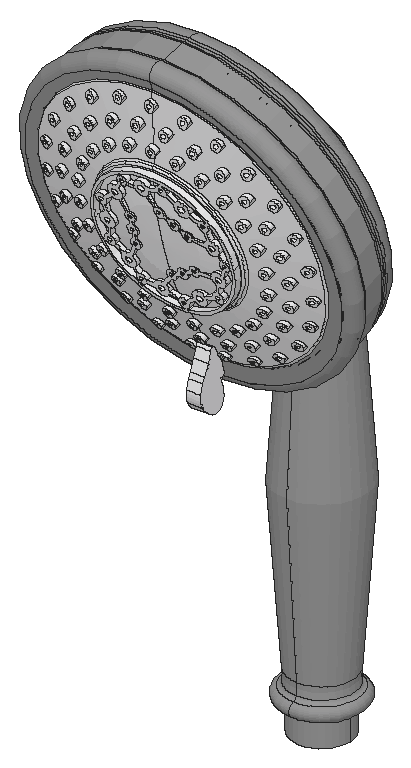
Revit family "Shower-Handshower-KOHLER-RAIN_DUET-K-98952T_1", category Plumbing Fixtures, host Face, Revit 2017
Family settings
  Host = Face
  Round Connector Dimension = Use Diameter
  Part Type = Normal
  OmniClass Number = 23.31.17.00
  OmniClass Title = Showers
  Cut with Voids When Loaded = No
  Shared = No
  Room Calculation Point = No
Parameters (values of type "Not a Type-See Type Catalog")
  Width = 4 103/128"  # constant formula
  WaterSense Certified = 1 = 0  # no
  Waste Water Outlet = "Waste Water Outlet"  # constant formula
  Waste Connection = 1 = 0  # no
  Vent Connection = 1 = 0  # no
  URL = "https://www.kohler.com.cn/"
  Type = 0
  Product Page URL = "https://www.kohler.com.cn/product/K-98952T-L-CP/K-98952T-L-CP/"
  Product Name = "RAIN DUET"  # constant formula
  Product Documentation Link = "https://files.kohler.com.cn/pdfs/98952t.pdf"
  Pressure = 0.00 psi
  Model = if(Type = 1, "K-98952T-L-CP", if(Type = 2, "K-98952T-L-AF", if(Type = 3, "K-98952T-L-SN", if(Type = 4, "K-98952T-L-BN", if(Type = 5, "K-98952T-L-BV", if(Type = 6, "K-98952T-L-RGD", if(Type = 7, "K-98952T-L-2BZ", if(Type = 8, "K-98952T-L-BL", "NA"))))))))  # "NA"
  Material = "Premium Metal Construction"  # constant formula
  Master Format 2014 Name = "Residential Showers"  # constant formula
  Master Format 2014 = "22 42 23"  # constant formula
  Manufacturer Address = "Kohler Beijing Office (100016) 36-2-03-B, No. 88, Liuxiang Road, Beijing"  # constant formula
  Manufacturer = "KOHLER Co."  # constant formula
  Length = 3 7/64"  # constant formula
  Hot Water Inlet = "Tempered Water Inlet"  # constant formula
  Height = 10 5/128"  # constant formula
  HW Connection = 1 = 1  # yes
  Flow Rate = 0 GPM
  Finish = Default
  Environmental Product Declaration = ""
  Drain Included = 1 = 0  # no
  Description = "Multi-function Katalyst Handshower"  # constant formula
  Default Elevation = 0"
  Declare Label = ""
  Date Modified = "10/20/2020"  # constant formula
  Date Created = "10/20/2020"  # constant formula
  Copyright = "Copyright KOHLER Co."  # constant formula
  Contact Us = "https://www.kohler.com.cn/contact/contact-us/"
  Cold Water Inlet = "Cold Water Inlet"  # constant formula
  CW Connection = 1 = 0  # no
  Assembly Code = "D2010700"
  ADA Compliant = 1 = 0  # no
Reference planes (in)
  plane 1 "Center (Front/Back)": y = 0
  plane 2: z = 0
  plane 3 "Center (Left/Right)": x = 0
  plane 4: y = -3.10938
  plane 5: z = 10.03906
  plane 6: x = 2.40157
  plane 7: x = -2.40311
  plane 8: y = 0.59037
  plane 9: z = 0.39569
  plane 10: y = -0.59037
  plane 11: x = -0.59005
  plane 12: x = 0.59005
Dimensions and locks (in)
  "Height": level to plane 5
  "Length": plane 1 "Center (Front/Back)" to plane 4
  "Width": plane 6 to plane 7
  aligned and locked: plane 2 to host face
  aligned and locked: level to host face
Automatic sketch dimensions
  host sketch curve to host sketch curve = 96"  (x2)
Nested families (in)
  nested 1: "K-98952T" at (0, 0, 0), type "K-98952T"
Connectors (in)
  piping at (0, 0, 0), diameter 0.5, driven by "Flow Rate", driven by "HW Connection", driven by "Hot Water Inlet"
    settings: on nested 1, index 1, connector inside diameter 24", connector length 0", flow factor 0, pipe flow 0 GPM, pressure drop 0.00 psi, fitting loss kfactor 0, connector angle 0.00°, fixture units 0, engagement length 0", angle of deflection 0.00°, flow configuration 0, flow direction 1, fitting loss method 0, system type 19, joint type 0, gender type 0, connector reference index -1, connector utility 1, adjustable connector no, is connector primary yes, connector description "Tempered Water Inlet"
Definition of nested family "K-98952T"
  Parameters (values of type "K-98952T")
    Material = none
  Reference planes (in)
    plane 1 "Center (Front/Back)": y = 0
    plane 2: z = 0
    plane 3 "Center (Left/Right)": x = 0
    plane 4: z = 10.03937
    plane 5: y = -3.11024
    plane 6: x = 2.40157
    plane 7: x = -2.40157
    plane 8: through (0, -2.11093, 7.78504) normal (0, 0.9617, 0.274)
    plane 9: y = 0.59037
  Forms (in)
    Revolve 1, solid, material <- "Material", detail levels medium+fine
      sketch origin (0, 0, 0) x (0, 1, 0) y (0, 0, 1)
        loop
          line (0, 0.39569) -> (0.4917, 0.39569)
          arc (0.4917, 0.39569) -> (0.58985, 0.48474) -> (0.51075, 0.59108) r 0.09862
          arc (0.51075, 0.59108) -> (0.47474, 0.61028) -> (0.45552, 0.64628) r 0.07011
          arc (0.45552, 0.64628) -> (0.44602, 0.73328) -> (0.45161, 0.82063) r 0.50756
          arc (0.45161, 0.82063) -> (0.63502, 3.2721) -> (0.44714, 5.72324) r 16.27732
          arc (0.44714, 5.72324) -> (0.46403, 5.8452) -> (0.54492, 5.93802) r 0.21554
          arc (0.54492, 5.93802) -> (0.58615, 6.04684) -> (0.49311, 6.11674) r 0.09687
          line (0.49311, 6.11674) -> (0, 6.11674) -> (0, 0.39569)
        axis (0, 0.39569) -> (0, 6.11674)
      angle from 0 to 360
    Sweep 2, solid, material <- "Material", detail levels medium+fine
      path origin (0, 0, 0) x (0, 1, 0) y (0, 0, 1)
        loop
          line (0, 5.88455) -> (0, 6.8688)
          arc (0, 6.8688) -> (-0.30929, 7.61548) -> (-1.05597, 7.92477) r 1.05597
          line (-1.05597, 7.92477) -> (-1.64652, 7.92477)
      profile origin (0, 0, 6.37667) x (0, -1, 0) y (1, 0, 0)
        loop
          circle (0, 0) r 0.41339
    Revolve 3, solid, material <- "Material", detail levels medium+fine
      sketch origin (0, 0, 0) x (0, 1, 0) y (0, 0, 1)
        loop
          line (-2.48956, 7.59809) -> (-1.17688, 7.97208)
          arc (-1.17688, 7.97208) -> (-1.53867, 8.9907) -> (-2.0945, 9.91781) r 5.44624
          arc (-2.0945, 9.91781) -> (-2.22771, 10.01467) -> (-2.39237, 10.01852) r 0.2763
          line (-2.39237, 10.01852) -> (-2.43609, 10.00598)
          arc (-2.43609, 10.00598) -> (-2.46009, 10.003) -> (-2.48384, 10.00751) r 0.07799
          arc (-2.48384, 10.00751) -> (-2.49922, 10.01057) -> (-2.51482, 10.00905) r 0.05355
          line (-2.51482, 10.00905) -> (-2.83902, 9.92821)
          arc (-2.83902, 9.92821) -> (-2.85537, 9.92752) -> (-2.87067, 9.93331) r 0.04077
          arc (-2.87067, 9.93331) -> (-3.04815, 9.92632) -> (-3.10494, 9.75803) r 0.1566
          line (-3.10494, 9.75803) -> (-2.48956, 7.59809)
        axis (-2.48956, 7.59809) -> (-1.17688, 7.97208)
      angle from 0 to 360
    Revolve 4, solid, detail levels medium+fine
      sketch origin (0, 0, 0) x (0, 1, 0) y (0, 0, 1)
        loop
          line (-2.86466, 7.5703) -> (-2.17308, 7.76733) -> (-2.75589, 9.81293) -> (-2.97954, 9.74921)
          arc (-2.97954, 9.74921) -> (-3.0492, 9.70185) -> (-3.07686, 9.6223) r 0.13407
          arc (-3.07686, 9.6223) -> (-3.06643, 9.14092) -> (-3.02064, 8.66162) r 6.54458
          arc (-3.02064, 8.66162) -> (-3.02393, 8.64494) -> (-3.03668, 8.63368) r 0.02651
          arc (-3.03668, 8.63368) -> (-3.05183, 8.62079) -> (-3.05675, 8.60151) r 0.03279
          arc (-3.05675, 8.60151) -> (-2.99311, 8.07987) -> (-2.86466, 7.5703) r 4.18913
        axis (-2.86466, 7.5703) -> (-2.17308, 7.76733)
      angle from 0 to 360
    Extrusion 5, solid, detail levels medium+fine
      sketch origin (0, -2.16487, 7.97436) x (0, 0.274002, -0.961729) y (-1, 0, 0)
        loop
          circle (-1.67223, 0) r 0.07087
        loop
          circle (-1.0869, 0) r 0.07087
        loop
          circle (-1.04153, 0.34606) r 0.07087
        loop
          circle (-1.36535, 0.20274) r 0.07087
        loop
          circle (-1.61324, 0.47062) r 0.07087
        loop
          circle (-1.43779, 0.91166) r 0.07087
        loop
          circle (-1.26473, 0.59486) r 0.07087
        loop
          circle (-1.06914, 0.95017) r 0.07087
        loop
          circle (-1.15894, 1.29524) r 0.07087
        loop
          circle (-0.79304, 1.5971) r 0.07087
        loop
          circle (-0.79304, 1.2459) r 0.07087
        loop
          circle (-0.69451, 0.94724) r 0.07087
        loop
          circle (-0.90607, 0.67012) r 0.07087
        loop
          circle (-0.41679, 1.15975) r 0.07087
        loop
          circle (-0.45087, 1.46238) r 0.07087
        loop
          circle (-0.36464, 1.7995) r 0.07087
        loop
          circle (-0.06535, 1.58848) r 0.07087
        loop
          circle (-0.09384, 1.29386) r 0.07087
        loop
          circle (0.25208, 1.33884) r 0.07087
        loop
          circle (0.33887, 1.6142) r 0.07087
        loop
          circle (0.10148, 1.88905) r 0.07087
        loop
          circle (0.57487, 1.85781) r 0.07087
        loop
          circle (1.02557, 1.71137) r 0.07087
        loop
          circle (0.73815, 1.5359) r 0.07087
        loop
          circle (0.60022, 1.29393) r 0.07087
        loop
          circle (0.92292, 1.1611) r 0.07087
        loop
          circle (1.10333, 1.36488) r 0.07087
        loop
          circle (1.20006, 0.94796) r 0.07087
        loop
          circle (1.41653, 1.1063) r 0.07087
        loop
          circle (1.4273, 1.45847) r 0.07087
        loop
          circle (1.41345, 0.66953) r 0.07087
        loop
          circle (1.65287, 0.77908) r 0.07087
        loop
          circle (1.75277, 1.11215) r 0.07087
        loop
          circle (1.97835, 0.69565) r 0.07087
        loop
          circle (1.80213, 0.40238) r 0.07087
        loop
          circle (1.5485, 0.34651) r 0.07087
        loop
          circle (1.59105, 0) r 0.07087
        loop
          circle (1.85546, 0) r 0.07087
        loop
          circle (2.0979, 0.23629) r 0.07087
        loop
          circle (-1.61324, 0.47062) r 0.03209
        loop
          circle (-1.43779, 0.91166) r 0.03455
        loop
          circle (-1.26473, 0.59486) r 0.03767
        loop
          circle (-1.15894, 1.29524) r 0.03613
        loop
          circle (-1.06914, 0.95017) r 0.03424
        loop
          circle (-0.90607, 0.67012) r 0.03315
        loop
          circle (-1.04153, 0.34606) r 0.03242
        loop
          circle (-1.36535, 0.20274) r 0.03419
        loop
          circle (-1.0869, 0) r 0.03337
        loop
          circle (-1.67223, 0) r 0.03152
        loop
          circle (-0.79304, 1.5971) r 0.03673
        loop
          circle (-0.79304, 1.2459) r 0.03276
        loop
          circle (-0.69451, 0.94724) r 0.03475
        loop
          circle (-0.41679, 1.15975) r 0.03573
        loop
          circle (-0.45087, 1.46238) r 0.03398
        loop
          circle (-0.36464, 1.7995) r 0.03262
        loop
          circle (-0.06535, 1.58848) r 0.03795
        loop
          circle (-0.09384, 1.29386) r 0.03111
        loop
          circle (0.10148, 1.88905) r 0.03313
        loop
          circle (0.25208, 1.33884) r 0.0326
        loop
          circle (0.33887, 1.6142) r 0.03141
        loop
          circle (0.57487, 1.85781) r 0.03632
        loop
          circle (0.60022, 1.29393) r 0.03141
        loop
          circle (0.73815, 1.5359) r 0.03296
        loop
          circle (0.92292, 1.1611) r 0.03316
        loop
          circle (1.10333, 1.36488) r 0.03319
        loop
          circle (1.02557, 1.71137) r 0.03343
        loop
          circle (1.4273, 1.45847) r 0.03223
        loop
          circle (1.41653, 1.1063) r 0.03305
        loop
          circle (1.20006, 0.94796) r 0.03206
        loop
          circle (1.41345, 0.66953) r 0.03489
        loop
          circle (1.65287, 0.77908) r 0.03174
        loop
          circle (1.75277, 1.11215) r 0.03695
        loop
          circle (1.5485, 0.34651) r 0.03432
        loop
          circle (1.59105, 0) r 0.03272
        loop
          circle (1.80213, 0.40238) r 0.03526
        loop
          circle (1.85546, 0) r 0.03232
        loop
          circle (1.97835, 0.69565) r 0.0322
        loop
          circle (2.0979, 0.23629) r 0.03082
        loop
          circle (-1.04153, -0.34606) r 0.07087
        loop
          circle (-1.36535, -0.20274) r 0.07087
        loop
          circle (-1.61324, -0.47062) r 0.07087
        loop
          circle (-1.43779, -0.91166) r 0.07087
        loop
          circle (-1.26473, -0.59486) r 0.07087
        loop
          circle (-1.06914, -0.95017) r 0.07087
        loop
          circle (-1.15894, -1.29524) r 0.07087
        loop
          circle (-0.79304, -1.5971) r 0.07087
        loop
          circle (-0.79304, -1.2459) r 0.07087
        loop
          circle (-0.69451, -0.94724) r 0.07087
        loop
          circle (-0.90607, -0.67012) r 0.07087
        loop
          circle (-0.41679, -1.15975) r 0.07087
        loop
          circle (-0.45087, -1.46238) r 0.07087
        loop
          circle (-0.36464, -1.7995) r 0.07087
        loop
          circle (-0.06535, -1.58848) r 0.07087
        loop
          circle (-0.09384, -1.29386) r 0.07087
        loop
          circle (0.25208, -1.33884) r 0.07087
        loop
          circle (0.33887, -1.6142) r 0.07087
        loop
          circle (0.10148, -1.88905) r 0.07087
        loop
          circle (0.57487, -1.85781) r 0.07087
        loop
          circle (1.02557, -1.71137) r 0.07087
        loop
          circle (0.73815, -1.5359) r 0.07087
        loop
          circle (0.60022, -1.29393) r 0.07087
        loop
          circle (0.92292, -1.1611) r 0.07087
        loop
          circle (1.10333, -1.36488) r 0.07087
        loop
          circle (1.20006, -0.94796) r 0.07087
        loop
          circle (1.41653, -1.1063) r 0.07087
        loop
          circle (1.4273, -1.45847) r 0.07087
        loop
          circle (1.41345, -0.66953) r 0.07087
        loop
          circle (1.65287, -0.77908) r 0.07087
        loop
          circle (1.75277, -1.11215) r 0.07087
        loop
          circle (1.97835, -0.69565) r 0.07087
        loop
          circle (1.80213, -0.40238) r 0.07087
        loop
          circle (1.5485, -0.34651) r 0.07087
        loop
          circle (2.0979, -0.23629) r 0.07087
        loop
          circle (-1.61324, -0.47062) r 0.03209
        loop
          circle (-1.43779, -0.91166) r 0.03455
        loop
          circle (-1.26473, -0.59486) r 0.03767
        loop
          circle (-1.15894, -1.29524) r 0.03613
        loop
          circle (-1.06914, -0.95017) r 0.03424
        loop
          circle (-0.90607, -0.67012) r 0.03315
        loop
          circle (-1.04153, -0.34606) r 0.03242
        loop
          circle (-1.36535, -0.20274) r 0.03419
        loop
          circle (-0.79304, -1.5971) r 0.03673
        loop
          circle (-0.79304, -1.2459) r 0.03276
        loop
          circle (-0.69451, -0.94724) r 0.03475
        loop
          circle (-0.41679, -1.15975) r 0.03573
        loop
          circle (-0.45087, -1.46238) r 0.03398
        loop
          circle (-0.36464, -1.7995) r 0.03262
        loop
          circle (-0.06535, -1.58848) r 0.03795
        loop
          circle (-0.09384, -1.29386) r 0.03111
        loop
          circle (0.10148, -1.88905) r 0.03313
        loop
          circle (0.25208, -1.33884) r 0.0326
        loop
          circle (0.33887, -1.6142) r 0.03141
        loop
          circle (0.57487, -1.85781) r 0.03632
        loop
          circle (0.60022, -1.29393) r 0.03141
        loop
          circle (0.73815, -1.5359) r 0.03296
        loop
          circle (0.92292, -1.1611) r 0.03316
        loop
          circle (1.10333, -1.36488) r 0.03319
        loop
          circle (1.02557, -1.71137) r 0.03343
        loop
          circle (1.4273, -1.45847) r 0.03223
        loop
          circle (1.41653, -1.1063) r 0.03305
        loop
          circle (1.20006, -0.94796) r 0.03206
        loop
          circle (1.41345, -0.66953) r 0.03489
        loop
          circle (1.65287, -0.77908) r 0.03174
        loop
          circle (1.75277, -1.11215) r 0.03695
        loop
          circle (1.5485, -0.34651) r 0.03432
        loop
          circle (1.80213, -0.40238) r 0.03526
        loop
          circle (1.97835, -0.69565) r 0.0322
        loop
          circle (2.0979, -0.23629) r 0.03082
      from -1.00218 to 0.36382
    Revolve 6, void
      sketch origin (0, 0, 0) x (0, 1, 0) y (0, 0, 1)
        loop
          line (-3.35311, 7.43114) -> (-2.77448, 7.59599)
          arc (-2.77448, 7.59599) -> (-3.05786, 8.56667) -> (-3.10868, 9.57658) r 4.33567
          line (-3.10868, 9.57658) -> (-3.16036, 9.75798) -> (-3.9518, 9.53249) -> (-3.35311, 7.43114)
        axis (-3.35311, 7.43114) -> (-2.56167, 7.65662)
      angle from 0 to 360
    Extrusion 7, solid, detail levels medium+fine
      sketch origin (0, -2.26305, 8.31897) x (0, 0.274002, -0.961729) y (-1, 0, 0)
        loop
          circle (0.55619, 0.0017) r 1.02362
        loop
          arc (-0.08646, -0.51818) -> (-0.21861, -0.47227) -> (-0.19931, -0.3337) r 0.11024
          arc (-0.19931, -0.3337) -> (-0.23642, -0.28001) -> (-0.27955, -0.231) r 0.55879
          arc (-0.27955, -0.231) -> (-0.33964, -0.23232) -> (-0.38306, -0.19075) r 0.07853
          arc (-0.38306, -0.19075) -> (-0.39628, -0.18245) -> (-0.40889, -0.19164) r 0.01392
          arc (-0.40889, -0.19164) -> (-0.28862, -0.50333) -> (-0.07102, -0.75683) r 0.98425
          arc (-0.07102, -0.75683) -> (-0.05221, -0.75623) -> (-0.04935, -0.73763) r 0.01473
          arc (-0.04935, -0.73763) -> (-0.05932, -0.68369) -> (-0.03157, -0.63638) r 0.07853
          arc (-0.03157, -0.63638) -> (-0.05555, -0.57567) -> (-0.08646, -0.51818) r 0.55879
        loop
          arc (-0.41587, -0.15276) -> (-0.40019, -0.15879) -> (-0.3887, -0.14653) r 0.01505
          arc (-0.3887, -0.14653) -> (-0.36207, -0.0993) -> (-0.31118, -0.08059) r 0.07853
          arc (-0.31118, -0.08059) -> (-0.28222, -0.01934) -> (-0.27021, 0.04734) r 0.25791
          arc (-0.27021, 0.04734) -> (-0.3284, 0.16781) -> (-0.22481, 0.25247) r 0.10802
          arc (-0.22481, 0.25247) -> (-0.22295, 0.30277) -> (-0.22481, 0.35308) r 0.68018
          arc (-0.22481, 0.35308) -> (-0.27662, 0.37637) -> (-0.29359, 0.43058) r 0.06926
          arc (-0.29359, 0.43058) -> (-0.30414, 0.44822) -> (-0.32387, 0.44244) r 0.0168
          arc (-0.32387, 0.44244) -> (-0.41652, 0.15205) -> (-0.41587, -0.15276) r 0.98425
        loop
          arc (0.29893, -0.65306) -> (0.29671, -0.56324) -> (0.28049, -0.47488) r 0.57387
          arc (0.28049, -0.47488) -> (0.22981, -0.43035) -> (0.23801, -0.36338) r 0.07224
          arc (0.23801, -0.36338) -> (0.22737, -0.33266) -> (0.21072, -0.30473) r 0.15922
          arc (0.21072, -0.30473) -> (0.11881, -0.27282) -> (0.13052, -0.17624) r 0.07749
          arc (0.13052, -0.17624) -> (0.11205, -0.14313) -> (0.08626, -0.11532) r 0.15922
          arc (0.08626, -0.11532) -> (0.02291, -0.09212) -> (0.00634, -0.02673) r 0.07224
          arc (0.00634, -0.02673) -> (-0.06494, 0.02795) -> (-0.14389, 0.07083) r 0.57387
          arc (-0.14389, 0.07083) -> (-0.18376, 0.0438) -> (-0.23142, 0.03678) r 0.10802
          arc (-0.23142, 0.03678) -> (-0.24416, -0.02956) -> (-0.27155, -0.09132) r 0.29728
          arc (-0.27155, -0.09132) -> (-0.23417, -0.1437) -> (-0.24849, -0.20643) r 0.07853
          arc (-0.24849, -0.20643) -> (-0.20428, -0.2572) -> (-0.16606, -0.31261) r 0.59816
          arc (-0.16606, -0.31261) -> (-0.03054, -0.35722) -> (-0.05254, -0.49818) r 0.11024
          arc (-0.05254, -0.49818) -> (-0.02061, -0.55745) -> (0.00445, -0.61992) r 0.59816
          arc (0.00445, -0.61992) -> (0.06683, -0.63574) -> (0.09644, -0.69288) r 0.07853
          arc (0.09644, -0.69288) -> (0.16389, -0.69661) -> (0.22876, -0.71547) r 0.29728
          arc (0.22876, -0.71547) -> (0.25671, -0.67624) -> (0.29893, -0.65306) r 0.10802
        loop
          arc (0.2205, -0.75482) -> (0.15566, -0.73515) -> (0.08794, -0.73304) r 0.25791
          arc (0.08794, -0.73304) -> (0.04218, -0.772) -> (-0.01774, -0.7672) r 0.07853
          arc (-0.01774, -0.7672) -> (-0.03326, -0.77028) -> (-0.03384, -0.7861) r 0.01276
          arc (-0.03384, -0.7861) -> (0.23679, -0.92929) -> (0.53832, -0.98239) r 0.98425
          arc (0.53832, -0.98239) -> (0.54907, -0.96976) -> (0.53885, -0.9567) r 0.01311
          arc (0.53885, -0.9567) -> (0.49914, -0.93181) -> (0.48364, -0.88758) r 0.07087
          arc (0.48364, -0.88758) -> (0.43873, -0.8637) -> (0.39157, -0.84465) r 0.4863
          arc (0.39157, -0.84465) -> (0.27828, -0.85259) -> (0.2205, -0.75482) r 0.10802
        loop
          arc (0.33853, -0.6494) -> (0.42508, -0.70857) -> (0.42064, -0.81332) r 0.10802
          arc (0.42064, -0.81332) -> (0.45864, -0.82956) -> (0.49524, -0.84873) r 0.52567
          arc (0.49524, -0.84873) -> (0.55465, -0.81672) -> (0.61394, -0.84898) r 0.07087
          arc (0.61394, -0.84898) -> (0.67011, -0.82081) -> (0.72788, -0.79609) r 1.03544
          arc (0.72788, -0.79609) -> (0.7257, -0.69579) -> (0.80695, -0.63695) r 0.10802
          arc (0.80695, -0.63695) -> (0.80496, -0.54809) -> (0.81584, -0.45986) r 0.61324
          arc (0.81584, -0.45986) -> (0.7666, -0.36928) -> (0.85808, -0.32172) r 0.07224
          arc (0.85808, -0.32172) -> (0.87078, -0.28806) -> (0.88936, -0.25724) r 0.19859
          arc (0.88936, -0.25724) -> (0.87621, -0.16634) -> (0.95908, -0.12674) r 0.07749
          arc (0.95908, -0.12674) -> (0.97369, -0.09951) -> (0.99235, -0.07488) r 0.19859
          arc (0.99235, -0.07488) -> (0.98257, 0.02775) -> (1.08537, 0.03563) r 0.07224
          arc (1.08537, 0.03563) -> (1.15352, 0.0927) -> (1.22921, 0.13931) r 0.61324
          arc (1.22921, 0.13931) -> (1.23191, 0.23496) -> (1.30952, 0.29093) r 0.10802
          arc (1.30952, 0.29093) -> (1.30303, 0.34612) -> (1.30371, 0.40168) r 0.43004
          arc (1.30371, 0.40168) -> (1.24651, 0.43072) -> (1.23618, 0.49403) r 0.07087
          arc (1.23618, 0.49403) -> (1.19328, 0.51468) -> (1.15395, 0.54151) r 0.31774
          arc (1.15395, 0.54151) -> (1.06838, 0.49381) -> (0.97944, 0.53489) r 0.10802
          arc (0.97944, 0.53489) -> (0.90348, 0.48873) -> (0.82164, 0.45404) r 0.61324
          arc (0.82164, 0.45404) -> (0.76781, 0.36611) -> (0.68088, 0.42155) r 0.07224
          arc (0.68088, 0.42155) -> (0.64537, 0.41573) -> (0.6094, 0.4164) r 0.19859
          arc (0.6094, 0.4164) -> (0.53725, 0.35956) -> (0.46152, 0.41153) r 0.07749
          arc (0.46152, 0.41153) -> (0.43063, 0.41057) -> (0.39998, 0.41442) r 0.19859
          arc (0.39998, 0.41442) -> (0.31598, 0.35463) -> (0.25776, 0.43972) r 0.07224
          arc (0.25776, 0.43972) -> (0.17426, 0.47021) -> (0.09605, 0.51245) r 0.61324
          arc (0.09605, 0.51245) -> (0.01263, 0.467) -> (-0.07443, 0.50501) r 0.10802
          arc (-0.07443, 0.50501) -> (-0.11588, 0.47442) -> (-0.1618, 0.45109) r 0.31119
          arc (-0.1618, 0.45109) -> (-0.15817, 0.40345) -> (-0.18626, 0.3648) r 0.06926
          arc (-0.18626, 0.3648) -> (-0.18359, 0.30537) -> (-0.18583, 0.24592) r 0.71955
          arc (-0.18583, 0.24592) -> (-0.1243, 0.18853) -> (-0.1226, 0.10442) r 0.10802
          arc (-0.1226, 0.10442) -> (-0.04465, 0.06171) -> (0.02632, 0.00818) r 0.61324
          arc (0.02632, 0.00818) -> (0.12938, 0.00553) -> (0.12483, -0.09747) r 0.07224
          arc (0.12483, -0.09747) -> (0.14763, -0.12531) -> (0.16504, -0.1568) r 0.19859
          arc (0.16504, -0.1568) -> (0.25034, -0.19086) -> (0.24319, -0.28243) r 0.07749
          arc (0.24319, -0.28243) -> (0.25946, -0.3087) -> (0.27146, -0.33717) r 0.19859
          arc (0.27146, -0.33717) -> (0.36524, -0.38002) -> (0.32066, -0.47299) r 0.07224
          arc (0.32066, -0.47299) -> (0.33601, -0.56055) -> (0.33853, -0.6494) r 0.61324
        loop
          arc (0.42218, 0.81489) -> (0.52802, 0.90638) -> (0.63837, 0.82038) r 0.11024
          arc (0.63837, 0.82038) -> (0.70343, 0.82568) -> (0.76743, 0.83852) r 0.55879
          arc (0.76743, 0.83852) -> (0.79634, 0.89122) -> (0.85404, 0.90804) r 0.07853
          arc (0.85404, 0.90804) -> (0.87059, 0.91979) -> (0.86088, 0.9376) r 0.01528
          arc (0.86088, 0.9376) -> (0.52978, 0.9856) -> (0.20174, 0.91992) r 0.98425
          arc (0.20174, 0.91992) -> (0.19847, 0.90224) -> (0.21357, 0.89248) r 0.01616
          arc (0.21357, 0.89248) -> (0.26528, 0.87415) -> (0.29237, 0.82645) r 0.07853
          arc (0.29237, 0.82645) -> (0.35694, 0.81687) -> (0.42218, 0.81489) r 0.55879
        loop
          arc (1.00381, 0.69126) -> (1.12462, 0.69136) -> (1.16996, 0.57938) r 0.10802
          arc (1.16996, 0.57938) -> (1.21206, 0.5493) -> (1.259, 0.52753) r 0.27837
          arc (1.259, 0.52753) -> (1.30915, 0.5432) -> (1.3563, 0.52005) r 0.07087
          arc (1.3563, 0.52005) -> (1.37607, 0.51706) -> (1.38289, 0.53584) r 0.01577
          arc (1.38289, 0.53584) -> (1.17749, 0.76507) -> (0.91132, 0.91965) r 0.98425
          arc (0.91132, 0.91965) -> (0.89113, 0.91202) -> (0.89516, 0.89081) r 0.01678
          arc (0.89516, 0.89081) -> (0.92274, 0.84414) -> (0.91351, 0.79071) r 0.07853
          arc (0.91351, 0.79071) -> (0.95207, 0.735) -> (1.00381, 0.69126) r 0.25791
        loop
          arc (0.11268, 0.54857) -> (0.19157, 0.50559) -> (0.27621, 0.47545) r 0.57387
          arc (0.27621, 0.47545) -> (0.34011, 0.49708) -> (0.39401, 0.45649) r 0.07224
          arc (0.39401, 0.45649) -> (0.42593, 0.45034) -> (0.45845, 0.4508) r 0.15922
          arc (0.45845, 0.4508) -> (0.53203, 0.51445) -> (0.60982, 0.45601) r 0.07749
          arc (0.60982, 0.45601) -> (0.64774, 0.45545) -> (0.68471, 0.46388) r 0.15922
          arc (0.68471, 0.46388) -> (0.73647, 0.50715) -> (0.80139, 0.4888) r 0.07224
          arc (0.80139, 0.4888) -> (0.88439, 0.52319) -> (0.961, 0.57012) r 0.57387
          arc (0.961, 0.57012) -> (0.95752, 0.61817) -> (0.97527, 0.66295) r 0.10802
          arc (0.97527, 0.66295) -> (0.92419, 0.70716) -> (0.8844, 0.76176) r 0.29728
          arc (0.8844, 0.76176) -> (0.82035, 0.75557) -> (0.77318, 0.79934) r 0.07853
          arc (0.77318, 0.79934) -> (0.70711, 0.78644) -> (0.64001, 0.78104) r 0.59816
          arc (0.64001, 0.78104) -> (0.53362, 0.68598) -> (0.42254, 0.77551) r 0.11024
          arc (0.42254, 0.77551) -> (0.35525, 0.7775) -> (0.28861, 0.78703) r 0.59816
          arc (0.28861, 0.78703) -> (0.24373, 0.74092) -> (0.17944, 0.74385) r 0.07853
          arc (0.17944, 0.74385) -> (0.14248, 0.6873) -> (0.09371, 0.64055) r 0.29728
          arc (0.09371, 0.64055) -> (0.11372, 0.59673) -> (0.11268, 0.54857) r 0.10802
        loop
          arc (0.06377, 0.66738) -> (0.11322, 0.71369) -> (0.14891, 0.77128) r 0.25791
          arc (0.14891, 0.77128) -> (0.13804, 0.8304) -> (0.17217, 0.87988) r 0.07853
          arc (0.17217, 0.87988) -> (0.17647, 0.89665) -> (0.1601, 0.90227) r 0.01276
          arc (0.1601, 0.90227) -> (-0.1073, 0.7287) -> (-0.3049, 0.47845) r 0.98425
          arc (-0.3049, 0.47845) -> (-0.29606, 0.46233) -> (-0.27816, 0.46652) r 0.0152
          arc (-0.27816, 0.46652) -> (-0.23714, 0.4905) -> (-0.19031, 0.4824) r 0.06926
          arc (-0.19031, 0.4824) -> (-0.13932, 0.50624) -> (-0.09433, 0.54008) r 0.27182
          arc (-0.09433, 0.54008) -> (-0.05983, 0.65905) -> (0.06377, 0.66738) r 0.10802
        loop
          arc (1.32807, -0.29435) -> (1.35438, -0.43176) -> (1.22473, -0.48432) r 0.11024
          arc (1.22473, -0.48432) -> (1.19678, -0.54331) -> (1.17591, -0.60516) r 0.55879
          arc (1.17591, -0.60516) -> (1.20709, -0.65654) -> (1.19281, -0.71493) r 0.07853
          arc (1.19281, -0.71493) -> (1.19233, -0.73069) -> (1.20688, -0.73678) r 0.01392
          arc (1.20688, -0.73678) -> (1.41687, -0.47576) -> (1.52716, -0.15942) r 0.98425
          arc (1.52716, -0.15942) -> (1.51602, -0.14536) -> (1.49956, -0.15248) r 0.01473
          arc (1.49956, -0.15248) -> (1.45784, -0.1881) -> (1.40298, -0.18771) r 0.07853
          arc (1.40298, -0.18771) -> (1.3624, -0.23884) -> (1.32807, -0.29435) r 0.55879
        loop
          arc (0.93019, -0.73624) -> (0.87247, -0.83959) -> (0.75466, -0.82797) r 0.10802
          arc (0.75466, -0.82797) -> (0.68895, -0.85547) -> (0.62538, -0.88758) r 0.99607
          arc (0.62538, -0.88758) -> (0.61184, -0.92924) -> (0.57641, -0.95498) r 0.07087
          arc (0.57641, -0.95498) -> (0.56655, -0.96891) -> (0.5771, -0.98233) r 0.01427
          arc (0.5771, -0.98233) -> (0.89487, -0.92245) -> (1.17608, -0.76282) r 0.98425
          arc (1.17608, -0.76282) -> (1.17387, -0.74594) -> (1.15733, -0.74192) r 0.01505
          arc (1.15733, -0.74192) -> (1.10311, -0.74247) -> (1.06146, -0.70776) r 0.07853
          arc (1.06146, -0.70776) -> (0.99394, -0.71331) -> (0.93019, -0.73624) r 0.25791
        loop
          arc (1.25218, 0.10685) -> (1.17551, 0.06001) -> (1.10709, 0.00178) r 0.57387
          arc (1.10709, 0.00178) -> (1.09387, -0.06437) -> (1.03178, -0.09075) r 0.07224
          arc (1.03178, -0.09075) -> (1.01048, -0.11533) -> (0.99463, -0.14371) r 0.15922
          arc (0.99463, -0.14371) -> (1.01295, -0.23926) -> (0.92345, -0.27741) r 0.07749
          arc (0.92345, -0.27741) -> (0.90401, -0.30997) -> (0.89282, -0.3462) r 0.15922
          arc (0.89282, -0.3462) -> (0.90441, -0.41266) -> (0.85606, -0.45971) r 0.07224
          arc (0.85606, -0.45971) -> (0.84435, -0.54878) -> (0.84668, -0.63859) r 0.57387
          arc (0.84668, -0.63859) -> (0.89003, -0.6596) -> (0.91994, -0.69737) r 0.10802
          arc (0.91994, -0.69737) -> (0.98376, -0.67523) -> (1.05094, -0.66808) r 0.29728
          arc (1.05094, -0.66808) -> (1.07761, -0.60952) -> (1.1391, -0.59055) r 0.07853
          arc (1.1391, -0.59055) -> (1.16096, -0.52688) -> (1.18984, -0.46607) r 0.59816
          arc (1.18984, -0.46607) -> (1.16071, -0.32641) -> (1.29379, -0.27497) r 0.11024
          arc (1.29379, -0.27497) -> (1.32915, -0.21769) -> (1.37073, -0.16475) r 0.59816
          arc (1.37073, -0.16475) -> (1.35324, -0.10282) -> (1.38791, -0.04861) r 0.07853
          arc (1.38791, -0.04861) -> (1.35742, 0.01167) -> (1.34132, 0.07728) r 0.29728
          arc (1.34132, 0.07728) -> (1.29337, 0.08187) -> (1.25218, 0.10685) r 0.10802
        loop
          arc (1.37953, 0.0898) -> (1.39491, 0.02382) -> (1.42694, -0.03588) r 0.25791
          arc (1.42694, -0.03588) -> (1.48357, -0.05604) -> (1.50936, -0.11033) r 0.07853
          arc (1.50936, -0.11033) -> (1.51939, -0.12215) -> (1.53343, -0.11556) r 0.01276
          arc (1.53343, -0.11556) -> (1.51986, 0.20189) -> (1.40588, 0.49847) r 0.98425
          arc (1.40588, 0.49847) -> (1.38409, 0.50089) -> (1.37402, 0.48141) r 0.01935
          arc (1.37402, 0.48141) -> (1.36854, 0.44392) -> (1.34453, 0.41461) r 0.07087
          arc (1.34453, 0.41461) -> (1.34216, 0.35213) -> (1.34979, 0.29007) r 0.39067
          arc (1.34979, 0.29007) -> (1.43422, 0.20026) -> (1.37953, 0.0898) r 0.10802
        loop
          circle (-0.22481, 0.42234) r 0.03332
        loop
          circle (-0.22293, 0.14447) r 0.04867
        loop
          circle (-0.31118, -0.15912) r 0.03233
        loop
          circle (0.00792, 0.57492) r 0.04702
        loop
          circle (0.21484, 0.81395) r 0.03614
        loop
          circle (0.32863, 0.42575) r 0.03206
        loop
          circle (0.5347, 0.43701) r 0.03076
        loop
          circle (0.53082, 0.79618) r 0.03859
        loop
          circle (0.8455, 0.82997) r 0.03284
        loop
          circle (0.75156, 0.4365) r 0.03211
        loop
          circle (1.06428, 0.60175) r 0.04551
        loop
          circle (1.30371, 0.47255) r 0.03135
        loop
          circle (1.32737, 0.1844) r 0.04586
        loop
          circle (1.43093, -0.11432) r 0.03164
        loop
          circle (1.25754, -0.37908) r 0.04888
        loop
          circle (1.03784, -0.01877) r 0.0324
        loop
          circle (0.94455, -0.20285) r 0.03177
        loop
          circle (0.83568, -0.3904) r 0.03114
        loop
          circle (1.12947, -0.66849) r 0.03182
        loop
          circle (0.82243, -0.74386) r 0.04655
        loop
          circle (0.55451, -0.88758) r 0.03236
        loop
          circle (0.3285, -0.75695) r 0.04778
        loop
          circle (0.29732, -0.40463) r 0.03223
        loop
          circle (0.18454, -0.2318) r 0.03711
        loop
          circle (0.07655, -0.04373) r 0.03369
        loop
          circle (-0.12345, -0.41452) r 0.05285
        loop
          circle (0.01803, -0.69728) r 0.03311
      from -0.78391 to 0.36382
    Extrusion 8, solid, detail levels medium+fine
      sketch origin (0, 0, 0) x (0, 1, 0) y (0, 0, 1)
        loop
          line (-1.81444, 5.50783) -> (-1.9425, 5.9573) -> (-2.09608, 5.91355)
          arc (-2.09608, 5.91355) -> (-2.11827, 5.90024) -> (-2.13079, 5.87759) r 0.04982
          arc (-2.13079, 5.87759) -> (-2.15048, 5.80622) -> (-2.17397, 5.73601) r 1.3786
          arc (-2.17397, 5.73601) -> (-2.20425, 5.66006) -> (-2.23897, 5.58604) r 1.3786
          arc (-2.23897, 5.58604) -> (-2.25511, 5.55115) -> (-2.26874, 5.5152) r 0.54528
          arc (-2.26874, 5.5152) -> (-2.2889, 5.45063) -> (-2.30585, 5.38514) r 1.37112
          arc (-2.30585, 5.38514) -> (-2.3103, 5.29287) -> (-2.28188, 5.20498) r 0.25734
          arc (-2.28188, 5.20498) -> (-2.18202, 5.09209) -> (-2.0423, 5.03556) r 0.3291
          arc (-2.0423, 5.03556) -> (-1.97343, 5.0482) -> (-1.92728, 5.10087) r 0.10652
          arc (-1.92728, 5.10087) -> (-1.9027, 5.21133) -> (-1.91535, 5.32378) r 0.34339
          line (-1.91535, 5.32378) -> (-1.9399, 5.40997)
          arc (-1.9399, 5.40997) -> (-1.93465, 5.45538) -> (-1.89882, 5.48378) r 0.05974
          line (-1.89882, 5.48378) -> (-1.81444, 5.50783)
      from -0.10685 to 0.09938
    Revolve 9, solid, material <- "Material", detail levels coarse
      sketch origin (0, 0, 0) x (0, 1, 0) y (0, 0, 1)
        loop
          line (-0.01192, 0) -> (0.51075, 0) -> (0.51075, 0.39569) -> (0.62092, 0.39569) -> (0.62092, 0.59254) -> (0.49339, 0.59254) -> (0.49339, 6.11674) -> (-0.01192, 6.11674) -> (-0.01192, 0)
        axis (-0.01192, 0) -> (-0.01192, 6.11674)
      angle from 0 to 360
    Sweep 10, solid, material <- "Material", detail levels coarse
      path origin (0, 0, 0) x (0, 1, 0) y (0, 0, 1)
        loop
          line (0, 5.72324) -> (0, 6.92467)
          arc (0, 6.92467) -> (-0.26374, 7.56139) -> (-0.90045, 7.82512) r 0.90045
          line (-0.90045, 7.82512) -> (-1.491, 7.82512)
      profile origin (0, 0, 6.32396) x (0, -1, 0) y (1, 0, 0)
        loop
          circle (0, 0) r 0.41339
    Revolve 11, solid, material <- "Material", detail levels coarse
      sketch origin (0, 0, 0) x (0, 1, 0) y (0, 0, 1)
        loop
          line (-2.53029, 7.58695) -> (-1.30927, 7.93496) -> (-1.89109, 9.97625) -> (-3.07972, 9.63746) -> (-2.53029, 7.58695)
        axis (-2.53029, 7.58695) -> (-1.30927, 7.93496)
      angle from 0 to 360
    Extrusion 12, solid, material <- "Material", detail levels medium+fine
      sketch origin (0, 0, 0) x (1, 0, 0) y (0, 1, 0)
        loop
          circle (0, 0) r 0.41339
      from 0 to 0.52398
  Cuts and joins
    joined: Revolve 1, Sweep 2, Extrusion 12
    Revolve 6 cuts Extrusion 5
    joined: Revolve 9, Sweep 10, Revolve 11
  Lines and regions (in)
    Masking region 1
      outline origin (0, 0, 0) x (1, 0, 0) y (0, 1, 0)
        loop
          line (-0.41339, -0.42149) -> (-0.41339, -0.9214)
          spline (-0.41339, -0.9214) -> (-0.57347, -0.93216) -> (-0.73006, -0.94642) -> (-0.8822, -0.9641) -> (-1.02894, -0.98509) -> (-1.16939, -1.00927) -> (-1.30268, -1.03647) -> (-1.42797, -1.06654) -> (-1.54451, -1.09929) -> (-1.65157, -1.13451) -> (-1.7485, -1.17199) -> (-1.83468, -1.2115) -> (-1.9096, -1.25279)
          arc (-1.9096, -1.25279) -> (-2.17991, -1.45749) -> (-2.30217, -1.77374) r 0.62017
          arc (-2.30217, -1.77374) -> (-2.3187, -1.82169) -> (-2.32661, -1.87179) r 0.28925
          line (-2.32661, -1.87179) -> (-2.33561, -2.12933)
          arc (-2.33561, -2.12933) -> (-2.40181, -2.3322) -> (-2.33568, -2.5351) r 0.34411
          arc (-2.33568, -2.5351) -> (-2.19565, -2.68098) -> (-2.02187, -2.78439) r 0.75373
          arc (-2.02187, -2.78439) -> (-1.76933, -2.88012) -> (-1.50996, -2.9554) r 3.38373
          arc (-1.50996, -2.9554) -> (-1.22593, -3.01527) -> (-0.93843, -3.05525) r 4.1714
          arc (-0.93843, -3.05525) -> (-0.46983, -3.09325) -> (0, -3.1102) r 10.47792
          arc (0, -3.1102) -> (0.46983, -3.09325) -> (0.93843, -3.05525) r 10.47792
          arc (0.93843, -3.05525) -> (1.22593, -3.01527) -> (1.50996, -2.9554) r 4.1714
          arc (1.50996, -2.9554) -> (1.76933, -2.88012) -> (2.02187, -2.78439) r 3.38373
          arc (2.02187, -2.78439) -> (2.19565, -2.68098) -> (2.33568, -2.5351) r 0.75373
          arc (2.33568, -2.5351) -> (2.40181, -2.3322) -> (2.33561, -2.12933) r 0.34411
          line (2.33561, -2.12933) -> (2.32661, -1.87179)
          arc (2.32661, -1.87179) -> (2.3187, -1.82169) -> (2.30217, -1.77374) r 0.28925
          arc (2.30217, -1.77374) -> (2.17991, -1.45749) -> (1.9096, -1.25279) r 0.62017
          spline (1.9096, -1.25279) -> (1.83468, -1.2115) -> (1.7485, -1.17199) -> (1.65157, -1.13451) -> (1.54451, -1.09929) -> (1.42797, -1.06654) -> (1.30268, -1.03647) -> (1.16939, -1.00927) -> (1.02894, -0.98509) -> (0.8822, -0.9641) -> (0.73006, -0.94642) -> (0.57347, -0.93216) -> (0.41339, -0.9214)
          line (0.41339, -0.9214) -> (0.41339, -0.42149)
          arc (0.41339, -0.42149) -> (0, 0.59037) -> (-0.41339, -0.42149) r 0.59037
    Masking region 2
      outline origin (0, 0, 0) x (0, 1, 0) y (0, 0, 1)
        loop
          line (0, 0) -> (0.35634, 0) -> (0.35634, 0.12634) -> (0.3937, 0.14791) -> (0.35634, 0.16949) -> (0.3937, 0.19106) -> (0.35634, 0.21263) -> (0.3937, 0.23421) -> (0.35634, 0.25578) -> (0.3937, 0.27735) -> (0.35634, 0.29893) -> (0.35634, 0.39569) -> (0.4917, 0.39569)
          arc (0.4917, 0.39569) -> (0.58985, 0.48474) -> (0.51075, 0.59108) r 0.09862
          arc (0.51075, 0.59108) -> (0.47474, 0.61028) -> (0.45552, 0.64628) r 0.07011
          arc (0.45552, 0.64628) -> (0.44602, 0.73328) -> (0.45161, 0.82063) r 0.50756
          arc (0.45161, 0.82063) -> (0.63502, 3.2721) -> (0.44714, 5.72324) r 16.27732
          arc (0.44714, 5.72324) -> (0.46403, 5.8452) -> (0.54492, 5.93802) r 0.21554
          arc (0.54492, 5.93802) -> (0.58615, 6.04684) -> (0.49311, 6.11674) r 0.09687
          line (0.49311, 6.11674) -> (0.45102, 6.11674)
          arc (0.45102, 6.11674) -> (0.42411, 6.12788) -> (0.41296, 6.1548) r 0.03806
          line (0.41296, 6.1548) -> (0.41296, 6.85927)
          arc (0.41296, 6.85927) -> (-0.02691, 7.92122) -> (-1.08887, 8.3611) r 1.50183
          line (-1.08887, 8.3611) -> (-1.28741, 8.3611)
          arc (-1.28741, 8.3611) -> (-1.6275, 9.17248) -> (-2.0938, 9.91851) r 5.44624
          arc (-2.0938, 9.91851) -> (-2.22701, 10.01537) -> (-2.39166, 10.01922) r 0.2763
          line (-2.39166, 10.01922) -> (-2.43539, 10.00668)
          arc (-2.43539, 10.00668) -> (-2.45938, 10.0037) -> (-2.48314, 10.00821) r 0.07799
          arc (-2.48314, 10.00821) -> (-2.49852, 10.01127) -> (-2.51412, 10.00975) r 0.05355
          line (-2.51412, 10.00975) -> (-2.83832, 9.92891)
          arc (-2.83832, 9.92891) -> (-2.85467, 9.92822) -> (-2.86997, 9.93401) r 0.04077
          arc (-2.86997, 9.93401) -> (-2.99388, 9.95298) -> (-3.09201, 9.87497) r 0.1566
          arc (-3.09201, 9.87497) -> (-3.10692, 9.32785) -> (-3.05886, 8.78264) r 4.75533
          arc (-3.05886, 8.78264) -> (-3.06991, 8.76028) -> (-3.09096, 8.74691) r 0.04628
          arc (-3.09096, 8.74691) -> (-3.10334, 8.73784) -> (-3.10731, 8.72302) r 0.0231
          arc (-3.10731, 8.72302) -> (-3.08287, 8.47625) -> (-3.04776, 8.23078) r 5.72217
          arc (-3.04776, 8.23078) -> (-2.84609, 7.36412) -> (-2.5125, 6.5392) r 5.72217
          arc (-2.5125, 6.5392) -> (-2.50081, 6.4987) -> (-2.48373, 6.46017) r 0.30936
          arc (-2.48373, 6.46017) -> (-2.47399, 6.44748) -> (-2.45814, 6.44539) r 0.0209
          line (-2.45814, 6.44539) -> (-2.42447, 6.45442)
          arc (-2.42447, 6.45442) -> (-2.28745, 6.161) -> (-2.13079, 5.87759) r 4.75533
          arc (-2.13079, 5.87759) -> (-2.15048, 5.80622) -> (-2.17397, 5.73601) r 1.3786
          arc (-2.17397, 5.73601) -> (-2.20425, 5.66006) -> (-2.23897, 5.58604) r 1.3786
          arc (-2.23897, 5.58604) -> (-2.25511, 5.55115) -> (-2.26874, 5.5152) r 0.54528
          arc (-2.26874, 5.5152) -> (-2.2889, 5.45063) -> (-2.30585, 5.38514) r 1.37112
          arc (-2.30585, 5.38514) -> (-2.3103, 5.29287) -> (-2.28188, 5.20498) r 0.25734
          arc (-2.28188, 5.20498) -> (-2.18202, 5.09209) -> (-2.0423, 5.03556) r 0.3291
          arc (-2.0423, 5.03556) -> (-1.97343, 5.0482) -> (-1.92728, 5.10087) r 0.10652
          arc (-1.92728, 5.10087) -> (-1.9027, 5.21133) -> (-1.91535, 5.32378) r 0.34339
          line (-1.91535, 5.32378) -> (-1.9399, 5.40997) -> (-1.95711, 5.47038) -> (-1.88807, 5.49005) -> (-1.87348, 5.43884)
          arc (-1.87348, 5.43884) -> (-1.73652, 5.32575) -> (-1.58201, 5.41335) r 0.1566
          arc (-1.58201, 5.41335) -> (-1.57206, 5.42634) -> (-1.5578, 5.43436) r 0.04077
          line (-1.5578, 5.43436) -> (-1.23968, 5.53653)
          arc (-1.23968, 5.53653) -> (-1.22561, 5.54346) -> (-1.21416, 5.55416) r 0.05355
          arc (-1.21416, 5.55416) -> (-1.19635, 5.57052) -> (-1.17438, 5.58063) r 0.07799
          line (-1.17438, 5.58063) -> (-1.13062, 5.59302)
          arc (-1.13062, 5.59302) -> (-0.99272, 5.68307) -> (-0.93055, 5.83559) r 0.2763
          arc (-0.93055, 5.83559) -> (-0.9255, 6.68936) -> (-1.05394, 7.53342) r 5.44624
          arc (-1.05394, 7.53342) -> (-0.59934, 7.32409) -> (-0.41381, 6.85927) r 0.67506
          line (-0.41381, 6.85927) -> (-0.41381, 6.1468)
          arc (-0.41381, 6.1468) -> (-0.4271, 6.12519) -> (-0.45102, 6.11674) r 0.03806
          line (-0.45102, 6.11674) -> (-0.49311, 6.11674)
          arc (-0.49311, 6.11674) -> (-0.58615, 6.04684) -> (-0.54492, 5.93802) r 0.09687
          arc (-0.54492, 5.93802) -> (-0.46403, 5.8452) -> (-0.44714, 5.72324) r 0.21554
          arc (-0.44714, 5.72324) -> (-0.63502, 3.2721) -> (-0.45161, 0.82063) r 16.27732
          arc (-0.45161, 0.82063) -> (-0.44602, 0.73328) -> (-0.45552, 0.64628) r 0.50756
          arc (-0.45552, 0.64628) -> (-0.47474, 0.61028) -> (-0.51075, 0.59108) r 0.07011
          arc (-0.51075, 0.59108) -> (-0.58985, 0.48474) -> (-0.4917, 0.39569) r 0.09862
          line (-0.4917, 0.39569) -> (-0.35634, 0.39569) -> (-0.35634, 0.29893) -> (-0.3937, 0.27735) -> (-0.35634, 0.25578) -> (-0.3937, 0.23421) -> (-0.35634, 0.21263) -> (-0.3937, 0.19106) -> (-0.35634, 0.16949) -> (-0.3937, 0.14791) -> (-0.35634, 0.12634) -> (-0.35634, 0) -> (0, 0)
    Masking region 3
      outline origin (0, 0, 0) x (1, 0, 0) y (0, 0, 1)
        loop
          arc (0.50766, 5.28949) -> (0, 10.03837) -> (-0.50766, 5.28949) r 2.40157
          arc (-0.50766, 5.28949) -> (-0.63374, 3.05312) -> (-0.45161, 0.82063) r 16.27732
          arc (-0.45161, 0.82063) -> (-0.44602, 0.73328) -> (-0.45552, 0.64628) r 0.50756
          arc (-0.45552, 0.64628) -> (-0.47474, 0.61028) -> (-0.51075, 0.59108) r 0.07011
          arc (-0.51075, 0.59108) -> (-0.58985, 0.48474) -> (-0.4917, 0.39569) r 0.09862
          line (-0.4917, 0.39569) -> (-0.35533, 0.39569) -> (-0.35533, 0.31194) -> (-0.3937, 0.28979) -> (-0.35533, 0.26764) -> (-0.3937, 0.24548) -> (-0.35533, 0.22333) -> (-0.3937, 0.20118) -> (-0.35533, 0.17903) -> (-0.3937, 0.15687) -> (-0.35533, 0.13472) -> (-0.35533, 0) -> (0, 0) -> (0.35533, 0) -> (0.35533, 0.13472) -> (0.3937, 0.15687) -> (0.35533, 0.17903) -> (0.3937, 0.20118) -> (0.35533, 0.22333) -> (0.3937, 0.24548) -> (0.35533, 0.26764) -> (0.3937, 0.28979) -> (0.35533, 0.31194) -> (0.35533, 0.39569) -> (0.4917, 0.39569)
          arc (0.4917, 0.39569) -> (0.58985, 0.48474) -> (0.51075, 0.59108) r 0.09862
          arc (0.51075, 0.59108) -> (0.47474, 0.61028) -> (0.45552, 0.64628) r 0.07011
          arc (0.45552, 0.64628) -> (0.44602, 0.73328) -> (0.45161, 0.82063) r 0.50756
          arc (0.45161, 0.82063) -> (0.63374, 3.05312) -> (0.50766, 5.28949) r 16.27732
    symbolic lines, detail levels medium+fine
      curve 1: line (-0.41339, 0, 0) -> (-0.41339, -0.44889, 0)
      curve 2: line (0.41339, 0, 0) -> (0.41339, -0.44889, 0)
      curve 3: arc (0.41339, 0, 0) -> (0, 0.41339, 0) -> (-0.41339, 0, 0) r 0.41339
      curve 4: arc (0.41339, -0.11803, 0) -> (0, 0.44412, 0) -> (-0.41339, -0.11803, 0) r 0.43307
      curve 5: arc (0.41339, -0.1717, 0) -> (0, 0.47911, 0) -> (-0.41339, -0.1717, 0) r 0.45669
      curve 6: line (-0.41339, -0.44889, 0) -> (-0.41339, -0.48157, 0)
      curve 7: line (0.41339, -0.44889, 0) -> (0.41339, -0.48746, 0)
      curve 8: line (-0.41339, -0.9214, 0) -> (-0.41339, -1.19357, 0)
      curve 9: line (0.41339, -0.9214, 0) -> (0.41339, -1.19357, 0)
      curve 10: spline (-0.41339, -1.19357, 0) -> (-0.3993, -1.22624, 0) -> (-0.358, -1.25668, 0) -> (-0.29231, -1.28283, 0) -> (-0.20669, -1.30288, 0) -> (-0.10699, -1.31549, 0) -> (0, -1.31979, 0) -> (0.10699, -1.31549, 0) -> (0.20669, -1.30288, 0) -> (0.29231, -1.28283, 0) -> (0.358, -1.25668, 0) -> (0.3993, -1.22624, 0) -> (0.41339, -1.19357, 0)
      curve 11: spline (-0.41339, -1.12258, 0) -> (-0.4544, -1.17613, 0) -> (-0.44485, -1.23162, 0) -> (-0.3858, -1.28287, 0) -> (-0.28383, -1.32419, 0) -> (-0.15027, -1.35098, 0) -> (0, -1.36025, 0) -> (0.15027, -1.35098, 0) -> (0.28383, -1.32419, 0) -> (0.3858, -1.28287, 0) -> (0.44485, -1.23162, 0) -> (0.4544, -1.17613, 0) -> (0.41339, -1.12258, 0)
      curve 12: spline (-2.11284, -1.38212, 0) -> (-2.13685, -1.52533, 0) -> (-1.97926, -1.66405, 0) -> (-1.65345, -1.78647, 0) -> (-1.18712, -1.8822, 0) -> (-0.6199, -1.94309, 0) -> (0, -1.96399, 0) -> (0.6199, -1.94309, 0) -> (1.18712, -1.8822, 0) -> (1.65345, -1.78647, 0) -> (1.97926, -1.66405, 0) -> (2.13685, -1.52533, 0) -> (2.11284, -1.38212, 0)
      curve 13: spline (-2.30315, -1.77675, 0) -> (-2.22459, -1.89909, 0) -> (-1.99427, -2.01308, 0) -> (-1.6279, -2.11096, 0) -> (-1.15047, -2.18603, 0) -> (-0.59456, -2.23318, 0) -> (0.00191, -2.24919, 0) -> (0.59825, -2.23298, 0) -> (1.15378, -2.18564, 0) -> (1.6306, -2.1104, 0) -> (1.99618, -2.01241, 0) -> (2.22558, -1.89833, 0) -> (2.30315, -1.77597, 0)
      curve 14: spline (-2.32043, -1.84131, 0) -> (-2.21928, -1.9593, 0) -> (-1.97548, -2.06833, 0) -> (-1.6047, -2.16139, 0) -> (-1.13078, -2.23249, 0) -> (-0.58418, -2.27707, 0) -> (-0.00003, -2.29225, 0) -> (0.58413, -2.27707, 0) -> (1.13073, -2.2325, 0) -> (1.60466, -2.1614, 0) -> (1.97545, -2.06834, 0) -> (2.21926, -1.95931, 0) -> (2.32043, -1.84132, 0)
      curve 15: line (-2.3222, -1.87453, 0) -> (2.3222, -1.87453, 0)
      curve 16: line (-2.33561, -2.12933, 0) -> (2.33561, -2.12933, 0)
      curve 17: line (0, 0.3937, 0.39569) -> (0, -0.3937, 0.39569)
      curve 18: line (0, 0.35634, 0.29893) -> (0, -0.35634, 0.29893)
      curve 19: line (0, 0.35634, 0.25578) -> (0, -0.35634, 0.25578)
      curve 20: line (0, 0.35634, 0.21263) -> (0, -0.35634, 0.21263)
      curve 21: line (0, 0.35634, 0.16949) -> (0, -0.35634, 0.16949)
      curve 22: line (0, 0.35634, 0.12634) -> (0, -0.35634, 0.12634)
      curve 23: line (0, 0.51075, 0.59108) -> (0, -0.51075, 0.59108)
      curve 24: line (0, 0.45161, 0.82063) -> (0, -0.45161, 0.82063)
      curve 25: line (0, -0.44714, 5.72324) -> (0, 0.44714, 5.72324)
      curve 26: line (0, 0.54492, 5.93802) -> (0, -0.54492, 5.93802)
      curve 27: line (0, 0.49311, 6.11674) -> (0, -0.45102, 6.11674)
      curve 28: line (0, 0.41296, 6.1548) -> (0, -0.41381, 6.1548)
      curve 29: arc (0, -1.05394, 7.53342) -> (0, -1.1727, 7.97377) -> (0, -1.30385, 8.41059) r 16.13283
      curve 30: line (0, -2.0938, 9.91851) -> (0, -0.93055, 5.83559)
      curve 31: line (0, -2.39166, 10.01922) -> (0, -1.13013, 5.59316)
      curve 32: line (0, -1.17438, 5.58063) -> (0, -2.43551, 10.00665)
      curve 33: line (0, -2.51412, 10.00975) -> (0, -1.23968, 5.53653)
      curve 34: line (0, -2.83832, 9.92891) -> (0, -1.5578, 5.43436)
      curve 35: line (0, -3.09201, 9.87497) -> (0, -1.89741, 5.48739)
      curve 36: arc (0, -2.13079, 5.87759) -> (0, -2.02213, 5.67769) -> (0, -1.89741, 5.48739) r 2.7661
      curve 37: line (0, -1.94564, 5.31515) -> (0, -1.97019, 5.40134)
      curve 38: arc (0, -1.95648, 5.11268) -> (0, -1.93415, 5.21301) -> (0, -1.94564, 5.31515) r 0.31189
      curve 39: arc (0, -2.03749, 5.06669) -> (0, -1.98898, 5.07559) -> (0, -1.95648, 5.11268) r 0.07502
      curve 40: arc (0, -2.25414, 5.21989) -> (0, -2.16383, 5.11781) -> (0, -2.03749, 5.06669) r 0.2976
      curve 41: arc (0, -2.27518, 5.378) -> (0, -2.27908, 5.29703) -> (0, -2.25414, 5.21989) r 0.22584
      curve 42: arc (0, -2.23892, 5.50508) -> (0, -2.25862, 5.44199) -> (0, -2.27518, 5.378) r 1.33962
      curve 43: arc (0, -2.14438, 5.72521) -> (0, -2.17535, 5.64753) -> (0, -2.21087, 5.57183) r 1.41009
      curve 44: arc (0, -2.21087, 5.57183) -> (0, -2.22607, 5.53895) -> (0, -2.23892, 5.50508) r 0.51378
      curve 45: arc (0, -2.10937, 5.83493) -> (0, -2.12575, 5.77971) -> (0, -2.14438, 5.72521) r 1.41009
      curve 46: line (0, -1.97019, 5.40134) -> (0, -1.99615, 5.49246)
      curve 47: line (0, -1.99615, 5.49246) -> (0, -1.91694, 5.51503)
      curve 48: line (0, -3.05886, 8.78264) -> (0, -2.43329, 6.44795)
      curve 49: line (-0.35533, 0, 0.13472) -> (0.35533, 0, 0.13472)
      curve 50: line (-0.35533, 0, 0.17903) -> (0.35533, 0, 0.17903)
      curve 51: line (-0.35533, 0, 0.22333) -> (0.35533, 0, 0.22333)
      curve 52: line (-0.35533, 0, 0.26764) -> (0.35533, 0, 0.26764)
      curve 53: line (-0.35533, 0, 0.31194) -> (0.35533, 0, 0.31194)
      curve 54: line (-0.35533, 0, 0.39569) -> (0.35533, 0, 0.39569)
      curve 55: line (-0.51075, 0, 0.59108) -> (0.51075, 0, 0.59108)
      curve 56: line (-0.45161, 0, 0.82063) -> (0.45161, 0, 0.82063)
      curve 57: arc (-0.50766, 0, 5.28949) -> (-0.30995, 0, 5.23548) -> (-0.10685, 0, 5.20794) r 1.55471
      curve 58: arc (-1.907, 0, 9.09655) -> (0, 0, 9.96252) -> (1.907, 0, 9.09655) r 2.53275
      curve 59: spline (-1.02532, 0, 7.56928) -> (-0.99044, 0, 7.31449) -> (-0.88818, 0, 7.07706) -> (-0.72551, 0, 6.87317) -> (-0.51351, 0, 6.71672) -> (-0.26663, 0, 6.61838) -> (-0.0017, 0, 6.58483) -> (0.26323, 0, 6.61838) -> (0.51011, 0, 6.71672) -> (0.72211, 0, 6.87317) -> (0.88478, 0, 7.07706) -> (0.98704, 0, 7.31449) -> (1.02192, 0, 7.56928)
      curve 60: spline (1.02192, 0, 7.56928) -> (0.98704, 0, 7.82407) -> (0.88478, 0, 8.0615) -> (0.72211, 0, 8.26539) -> (0.51011, 0, 8.42184) -> (0.26323, 0, 8.52018) -> (-0.0017, 0, 8.55373) -> (-0.26663, 0, 8.52018) -> (-0.51351, 0, 8.42184) -> (-0.72551, 0, 8.26539) -> (-0.88818, 0, 8.0615) -> (-0.99044, 0, 7.82407) -> (-1.02532, 0, 7.56928)
      curve 61: spline (-0.89081, 0, 7.24328) -> (-0.88457, 0, 7.23675) -> (-0.87758, 0, 7.23097) -> (-0.86993, 0, 7.22602) -> (-0.86173, 0, 7.22196) -> (-0.85309, 0, 7.21886) -> (-0.84414, 0, 7.21675) -> (-0.83498, 0, 7.21567) -> (-0.82576, 0, 7.21562) -> (-0.8166, 0, 7.21662) -> (-0.80762, 0, 7.21864) -> (-0.79895, 0, 7.22166) -> (-0.79071, 0, 7.22563)
      curve 62: spline (-0.83852, 0, 7.36612) -> (-0.84864, 0, 7.36441) -> (-0.85843, 0, 7.36144) -> (-0.86775, 0, 7.35726) -> (-0.87641, 0, 7.35195) -> (-0.88428, 0, 7.3456) -> (-0.89122, 0, 7.33832) -> (-0.89711, 0, 7.33023) -> (-0.90186, 0, 7.32146) -> (-0.90537, 0, 7.31218) -> (-0.90759, 0, 7.30254) -> (-0.90849, 0, 7.29269) -> (-0.90804, 0, 7.28282)
      curve 63: spline (-0.82038, 0, 7.49024) -> (-0.82074, 0, 7.47978) -> (-0.8213, 0, 7.46932) -> (-0.82208, 0, 7.45888) -> (-0.82307, 0, 7.44846) -> (-0.82427, 0, 7.43805) -> (-0.82568, 0, 7.42767) -> (-0.8273, 0, 7.41732) -> (-0.82912, 0, 7.407) -> (-0.83116, 0, 7.39672) -> (-0.83341, 0, 7.38647) -> (-0.83586, 0, 7.37627) -> (-0.83852, 0, 7.36612)
      curve 64: spline (-0.79934, 0, 7.36059) -> (-0.79668, 0, 7.37108) -> (-0.79422, 0, 7.38161) -> (-0.79196, 0, 7.39218) -> (-0.78991, 0, 7.4028) -> (-0.78807, 0, 7.41345) -> (-0.78644, 0, 7.42413) -> (-0.78502, 0, 7.43484) -> (-0.7838, 0, 7.44557) -> (-0.7828, 0, 7.45632) -> (-0.782, 0, 7.46709) -> (-0.78141, 0, 7.47787) -> (-0.78104, 0, 7.48866)
      curve 65: spline (-0.76176, 0, 7.25362) -> (-0.75697, 0, 7.26319) -> (-0.75363, 0, 7.27331) -> (-0.7518, 0, 7.28379) -> (-0.75152, 0, 7.2944) -> (-0.75278, 0, 7.30495) -> (-0.75557, 0, 7.31522) -> (-0.75984, 0, 7.32502) -> (-0.76548, 0, 7.33414) -> (-0.77241, 0, 7.34242) -> (-0.78047, 0, 7.34967) -> (-0.78951, 0, 7.35577) -> (-0.79934, 0, 7.36059)
      curve 66: spline (-0.79071, 0, 7.22563) -> (-0.78075, 0, 7.22045) -> (-0.77103, 0, 7.21486) -> (-0.76158, 0, 7.20885) -> (-0.75242, 0, 7.20246) -> (-0.74355, 0, 7.19569) -> (-0.735, 0, 7.18854) -> (-0.72679, 0, 7.18105) -> (-0.71892, 0, 7.17321) -> (-0.71143, 0, 7.16505) -> (-0.70431, 0, 7.15658) -> (-0.69758, 0, 7.14782) -> (-0.69126, 0, 7.13878)
      curve 67: spline (-0.66295, 0, 7.16624) -> (-0.66949, 0, 7.17508) -> (-0.67638, 0, 7.18367) -> (-0.6836, 0, 7.19201) -> (-0.69114, 0, 7.20008) -> (-0.699, 0, 7.20787) -> (-0.70716, 0, 7.21536) -> (-0.71561, 0, 7.22256) -> (-0.72433, 0, 7.22943) -> (-0.73332, 0, 7.23599) -> (-0.74257, 0, 7.24221) -> (-0.75205, 0, 7.24809) -> (-0.76176, 0, 7.25362)
      curve 68: spline (-0.57012, 0, 7.17996) -> (-0.57794, 0, 7.18196) -> (-0.5859, 0, 7.18339) -> (-0.59395, 0, 7.18424) -> (-0.60204, 0, 7.18451) -> (-0.61013, 0, 7.1842) -> (-0.61817, 0, 7.18331) -> (-0.62612, 0, 7.18184) -> (-0.63393, 0, 7.1798) -> (-0.64156, 0, 7.1772) -> (-0.64897, 0, 7.17407) -> (-0.65611, 0, 7.1704) -> (-0.66295, 0, 7.16624)
      curve 69: spline (-0.69126, 0, 7.13878) -> (-0.7014, 0, 7.12073) -> (-0.70765, 0, 7.10112) -> (-0.70978, 0, 7.08071) -> (-0.70769, 0, 7.06029) -> (-0.70146, 0, 7.04067) -> (-0.69136, 0, 7.0226) -> (-0.67775, 0, 7.0068) -> (-0.66118, 0, 6.99388) -> (-0.6423, 0, 6.98434) -> (-0.62183, 0, 6.97855) -> (-0.60059, 0, 6.97675) -> (-0.57938, 0, 6.97899)
      curve 70: spline (-0.54151, 0, 6.9944) -> (-0.52824, 0, 7.00451) -> (-0.51678, 0, 7.01649) -> (-0.5074, 0, 7.03004) -> (-0.50034, 0, 7.04484) -> (-0.49578, 0, 7.06052) -> (-0.49381, 0, 7.07669) -> (-0.4945, 0, 7.09296) -> (-0.49782, 0, 7.10892) -> (-0.50369, 0, 7.12419) -> (-0.51197, 0, 7.13839) -> (-0.52246, 0, 7.15117) -> (-0.53489, 0, 7.16222)
      curve 71: spline (-0.53489, 0, 7.16222) -> (-0.52644, 0, 7.17394) -> (-0.51829, 0, 7.18585) -> (-0.51044, 0, 7.19795) -> (-0.50289, 0, 7.21022) -> (-0.49565, 0, 7.22267) -> (-0.48873, 0, 7.23528) -> (-0.48213, 0, 7.24805) -> (-0.47586, 0, 7.26097) -> (-0.4699, 0, 7.27403) -> (-0.46428, 0, 7.28723) -> (-0.459, 0, 7.30055) -> (-0.45404, 0, 7.31399)
      curve 72: spline (-0.4888, 0, 7.33346) -> (-0.49362, 0, 7.31981) -> (-0.49881, 0, 7.30629) -> (-0.50437, 0, 7.2929) -> (-0.51029, 0, 7.27966) -> (-0.51656, 0, 7.26657) -> (-0.52319, 0, 7.25364) -> (-0.53017, 0, 7.24088) -> (-0.53749, 0, 7.2283) -> (-0.54516, 0, 7.21591) -> (-0.55315, 0, 7.20372) -> (-0.56147, 0, 7.19173) -> (-0.57012, 0, 7.17996)
